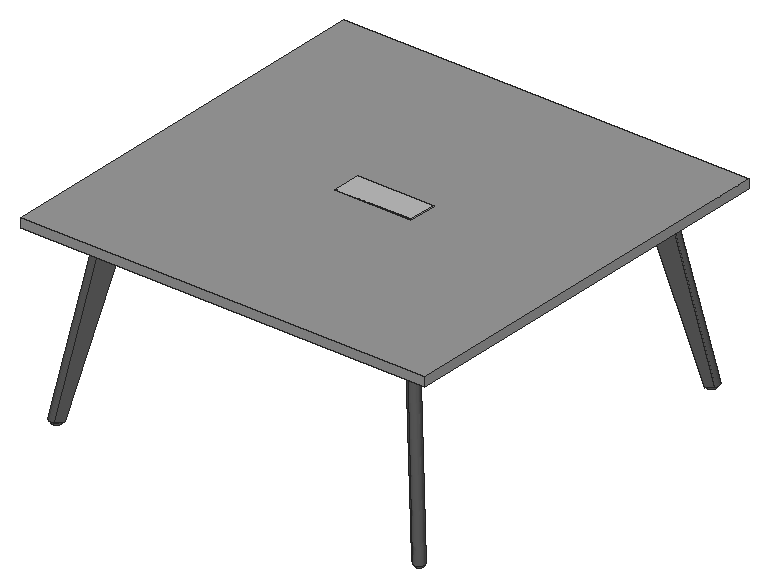
Revit family "Haworth_AWood_Desk_Square_EU_PRELIMINARY", category Furniture, Revit 2019
Family settings
  OmniClass Number = 23.40.70.14.64.11
  OmniClass Title = Office Furniture
  Work Plane-Based = No
  Always vertical = Yes
  Cut with Voids When Loaded = No
  Shared = No
  Room Calculation Point = No
Parameters (values of type "160 x 160")
  Worksurface Dimension = "140 x 140, 160 x 160cm"  # constant formula
  Warranty = "http://www.haworth.com/resources/product-info/warranties"
  URL - Product = "https://www.haworth.com/eu/en/products/office-desks/a-wood.html?_br_psugg_q=awood"
  Type Comments = ""
  URL = "https://www.haworth.com/eu/en.html"
  Trim Finish = Haworth _ Metal _ Structured White EC
  Top Finish [instance] = Haworth _ Laminate _ Undecided _ Tables
  Squared Corners = not(Rounded Corners)  # yes
  Small = no
  Size = "Verify Final Dim.w/ Haworth"  # constant formula
  Rounded Corners = no
  Revision Number = "1"  # constant formula
  Model = "AWSD1X1X"  # constant formula
  Manufacturer = "Haworth"  # constant formula
  Leg Height = Actual Height - 3.5 cm  # 69.5 cm
  Large = not(Small)  # yes
  Flip Top Finish = Haworth _ Paint _ Metallic Silver
  Flip Top Cable Outlet = yes
  Description = "Haworth - A_Wood - Desk - Square"  # constant formula
  Base Finish [instance] = Haworth _ Paint _ Black
  Author = "Haworth (Abd Rahman)"  # constant formula
  Assembly Code = "E2020200"
  Actual Width = if(Small, 140 cm, 160 cm)  # 160 cm
  Actual Height = 73 cm  # constant formula
  Actual Depth = if(Small, 140 cm, 160 cm)  # 160 cm
Types (2, lengths in cm): name | Squared Corners | Small | Rounded Corners | Large | Flip Top Cable Outlet | Actual Width | Actual Depth
  140 x 140 | no | yes | yes | no | no | 140 | 140
  160 x 160 | yes | no | no | yes | yes | 160 | 160
Reference planes (cm)
  plane 1 "Center F/B": y = 17.4526
  plane 2: z = 0
  plane 3 "Center L/R": x = 11.43
  plane 4 "Top": z = 73
  plane 5 "Left": x = -68.57
  plane 6 "Right": x = 91.43
  plane 7 "Back": y = 97.4526
  plane 8 "Front": y = -62.5474
  plane 9: y = 82.4526
  plane 10: y = -47.5474
  plane 11: z = 70.5
  plane 12: z = 69.5
  plane 13: x = -63.57
  plane 14: x = 86.43
Dimensions and locks (cm)
  "Actual Height": plane 4 "Top" to level
  equal spacing: plane 7 "Back", plane 1 "Center F/B", plane 8 "Front"
  "Actual Depth": plane 7 "Back" to plane 8 "Front"
  equal spacing: plane 5 "Left", plane 3 "Center L/R", plane 6 "Right"
  "Actual Width": plane 5 "Left" to plane 6 "Right"
  plane 4 "Top" to plane 11 to plane 12 = 2.5 cm locked, 1 cm locked
  locked: plane 5 "Left" to plane 13 at 5
  locked: plane 14 to plane 6 "Right" at 5
  locked: plane 7 "Back" to plane 9 at 15
  locked: plane 8 "Front" to plane 10 at 15
  aligned and locked: nested 2 to plane 1 "Center F/B"
  aligned and locked: plane 3 "Center L/R" to nested 2
  aligned and locked: nested 1 to plane 10
  aligned and locked: nested 1 to plane 13
  aligned and locked: nested 3 to plane 14
  aligned and locked: nested 3 to plane 10
  aligned and locked: nested 5 to plane 13
  aligned and locked: nested 4 to plane 14
  aligned and locked: nested 4 to plane 9
  aligned and locked: nested 5 to plane 9
  aligned and locked: plane 3 "Center L/R" to nested 6
  aligned and locked: nested 6 to plane 4 "Top"
  aligned and locked: plane 1 "Center F/B" to nested 6
Nested families (cm)
  nested 1: "Haworth_A_Wood_SingleLeg_PART" at (-3.7556, 2.6457, 0), Leg Finish <- "Base Finish", type "A_Wood Legs - PART"
    with Leg Finish Haworth _ Paint _ Black
  nested 2: "Haworth_A_Wood_Top_Rectangular-PART" at (170.2444, 88.5136, 0), Top Finish <- "Top Finish", type "A_Wood Top Rectangular - PART"
    with Top Finish Haworth _ Laminate _ Undecided _ Tables, Void Depth 0 cm, Scallop no, Rounded Corners no, Actual Width 160 cm, Actual Depth 160 cm
  nested 3: "Haworth_A_Wood_SingleLeg_PART" at (25.9869, 2.017, 0) x (0, 1, 0) z (0, 0, 1), Leg Finish <- "Base Finish", type "A_Wood Legs - PART"
    with Leg Finish Haworth _ Paint _ Black
  nested 4: "Haworth_A_Wood_SingleLeg_PART" at (26.6156, 32.2596, 0) x (-1, 0, 0) z (0, 0, 1), Leg Finish <- "Base Finish", type "A_Wood Legs - PART"
    with Leg Finish Haworth _ Paint _ Black
  nested 5: "Haworth_A_Wood_SingleLeg_PART" at (-3.1269, 32.8883, 0) x (0, -1, 0) z (0, 0, 1), Leg Finish <- "Base Finish", type "A_Wood Legs - PART"
    with Leg Finish Haworth _ Paint _ Black
  nested 6: "Haworth-Flip Top" at (9.9813, 17.3193, -7), visible <- "Flip Top Cable Outlet", type "Flip Top - Visio"
    with Actual Width 30 cm
Definition of nested family "Haworth_A_Wood_SingleLeg_PART"
  Parameters (values of type "A_Wood Legs - PART")
    Warranty = "https://www.haworth.com/resources/product-info/warranties"
    URL - Product = ""
    Model = "Haworth - A_Wood"  # constant formula
    Metal Finish = none
    Leg Finish [instance] = none
    Description = "Haworth - A_Wood - Legs - PART"  # constant formula
    URL = ""
    Revision Number = "1"  # constant formula
    Manufacturer = "Haworth"  # constant formula
    Author = "Haworth (Abd Rahman)"  # constant formula
    Assembly Code = "E2020200"
    Actual Height = 73 cm  # constant formula
  Reference planes (cm)
    plane 1 "Bottom": z = 0
    plane 2 "Top": z = 73
    plane 3 "Top Bottom": z = 69.5
    plane 4: x = -59.8144
    plane 5: x = -39.3144
    plane 6: y = -39.9431
    plane 7 "Front": y = -60.4431
    plane 8: x = -49.5644
    plane 9: y = -50.1931
  Forms (cm)
    SweptBlend 1, solid, material <- "Leg Finish"
      path origin (-58.7425, -59.2694, 121.92) x (-0.707107, -0.707107, 0) y (0, 0, -1)
        loop
          line (-1.6984, 123.3068) -> (-17.8231, 51.5727)
      profile origin (-57.5416, -58.0684, -1.3868) x (-0.689892, -0.689892, 0.219313) y (0.707107, -0.707107, 0)
        loop
          line (-2.6886, 1.6172) -> (-2.6886, -2.1828) -> (0.0676, -2.1828)
          arc (0.0676, -2.1828) -> (1.9676, -0.2828) -> (0.0676, 1.6172) r 1.9
          line (0.0676, 1.6172) -> (-2.6886, 1.6172)
      end profile origin (-46.1396, -46.6665, 70.3473) x (-0.689892, -0.689892, 0.219313) y (0.707107, -0.707107, 0)
        loop
          line (-7.1321, -2.1828) -> (0, -2.1828)
          arc (0, -2.1828) -> (1.9, -0.2828) -> (0, 1.6172) r 1.9
          line (0, 1.6172) -> (-7.1321, 1.6172) -> (-7.1321, -2.1828)
    Extrusion 2, void
      sketch origin (-58.7425, -59.2694, 121.92) x (-0.707107, -0.707107, 0) y (0, 0, -1)
        loop
          line (-22.8359, 60.9135) -> (-31.3359, 60.9135) -> (-31.3359, 46.4135) -> (-6.8632, 46.4135) -> (-6.8632, 53.0135) -> (-22.8359, 53.0135) -> (-22.8359, 60.9135)
        loop
          line (1.2172, 120.9135) -> (1.2172, 124.4135) -> (-5.7828, 124.4135) -> (-5.7828, 120.9135) -> (1.2172, 120.9135)
      from -2.1828 to 1.6172
    Extrusion 3, solid, material <- "Metal Finish"
      sketch origin (22.515, 0, 0) x (-1, 0, 0) y (0, -1, 0)
        loop
          arc (63.3082, 55.3567) -> (64.353, 43.9204) -> (75.222, 40.2132) r 10.5502
          arc (75.222, 40.2132) -> (77.0947, 53.9447) -> (63.3082, 55.3567) r 9.6395
        loop
          circle (75.5231, 43.1034) r 0.6436
        loop
          circle (69.4207, 42.3367) r 0.5
        loop
          circle (63.9678, 47.7855) r 0.5
        loop
          circle (64.6924, 53.9741) r 0.6849
        loop
          circle (74.6212, 53.0565) r 0.7071
      from 68.9065 to 69.5
    Revolve 4, solid
      sketch origin (-0.1869, -57.1918, 0) x (1, 0, 0) y (0, 0, 1)
        loop
          line (-56.6292, 1.0037) -> (-56.6292, 0) -> (-54.9292, 0) -> (-54.9292, 0.4) -> (-56.0292, 0.4) -> (-56.0292, 1.0037) -> (-56.6292, 1.0037)
        axis (-56.6292, 1.0037) -> (-56.6292, 0)
      angle from 0 to 360
    Extrusion 5, solid, material <- "Metal Finish"
      sketch origin (-25.6346, -85.9201, 0) x (0.707107, -0.707107, 0) y (0, 0, 1)
        loop
          line (-44.0328, 69.5) -> (-44.0328, 62.4065) -> (-41.0328, 62.4065) -> (-41.0328, 69.5) -> (-44.0328, 69.5)
        loop
          circle (-42.5693, 66.9745) r 1
        loop
          circle (-42.5978, 63.7457) r 1
      from -18.4115 to -18.1579
    Extrusion 6, void
      sketch origin (-25.6346, -85.9201, 0) x (0.707107, -0.707107, 0) y (0, 0, 1)
        loop
          circle (-42.5693, 66.9745) r 1
        loop
          circle (-42.5978, 63.7457) r 1
      from -20.0066 to -17.9454
  Cuts and joins
    Extrusion 2, Extrusion 6 cuts SweptBlend 1
    Extrusion 6 cuts Extrusion 5
    joined: Extrusion 3, Extrusion 5
  Lines and regions (cm)
    symbolic lines, detail levels medium+fine
      curve 1: arc (-53.9353, -40.9662, 0) -> (-42.6617, -43.3429, 0) -> (-40.285, -54.6165, 0) r 10.5502
      curve 2: arc (-40.285, -54.6165, 0) -> (-46.2123, -57.5166, 0) -> (-52.6178, -55.9317, 0) r 9.6539
      curve 3: line (-58.7572, -56.6971, 0) -> (-55.2939, -53.2338, 0)
      curve 4: line (-52.6178, -55.9317, 0) -> (-56.0702, -59.3841, 0)
      curve 5: arc (-56.074, -59.3805, 0) -> (-58.786, -59.4129, 0) -> (-58.7536, -56.7008, 0) r 1.8953
      curve 6: arc (-55.2939, -53.2338, 0) -> (-56.8312, -46.8545, 0) -> (-53.9353, -40.9662, 0) r 9.6539
  Dimensions and locks (cm)
    "Actual Height": plane 2 "Top" to level
    plane 2 "Top" to plane 3 "Top Bottom" = 3.5 cm
    equal spacing: plane 4, plane 8, plane 5
    equal spacing: plane 6, plane 9, plane 7 "Front"
    Extrusion 5 sketch curve to cut or joined group of SweptBlend 1, Extrusion 2, Extrusion 6 = 0.3942 cm
    Extrusion 5 sketch curve to Extrusion 5 sketch curve = 3 cm
  Automatic sketch dimensions
    curve 2 to curve 6 = 0 cm  (x2)
    plane 4 to curve 5 = 2.3685 cm
    plane 4 to curve 3 = 4.5204 cm
    curve 4 to plane 8 = 3.0535 cm
    curve 1 to plane 8 = 0.5574 cm
    plane 8 to curve 6 = 2.3284 cm
    curve 5 to plane 7 "Front" = 2.3704 cm
    curve 4 to plane 7 "Front" = 4.5114 cm
    curve 3 to plane 9 = 3.0407 cm
    curve 1 to plane 9 = 0.6099 cm
    curve 1 to curve 6 = 2.8858 cm
    plane 4 to curve 5 = 1.0607 cm
    curve 3 to curve 5 = 0.0036 cm
    curve 5 to curve 5 = 1.3718 cm
    curve 4 to plane 7 "Front" = 1.059 cm
    curve 5 to curve 4 = 0.0038 cm
    curve 1 to plane 6 = 1.0231 cm
    curve 4 to curve 5 = 0.0036 cm
    curve 5 to curve 3 = 0.0038 cm
    plane 3 "Top Bottom" to SweptBlend 1 sketch curve = 0.8473 cm
    SweptBlend 1 sketch curve to level = 1.3868 cm
    SweptBlend 1 sketch curve to SweptBlend 1 sketch curve = 16.1248 cm
    profile plane to SweptBlend 1 sketch curve = 1.6172 cm
    profile plane to SweptBlend 1 sketch curve = 2.6886 cm
    SweptBlend 1 sketch curve to profile plane = 0.0676 cm
    SweptBlend 1 sketch curve to profile plane = 0.2828 cm  (x2)
    SweptBlend 1 sketch curve to profile plane = 0 cm
    SweptBlend 1 sketch curve to profile plane = 2.1828 cm
    SweptBlend 1 sketch curve to SweptBlend 1 sketch curve = 7.1321 cm
    Extrusion 2 sketch curve to plane 3 "Top Bottom" = 8.4935 cm
    Extrusion 2 sketch curve to Extrusion 2 sketch curve = 8.5 cm
    Extrusion 2 sketch curve to plane 3 "Top Bottom" = 0.5935 cm
    Extrusion 2 sketch curve to Extrusion 2 sketch curve = 15.9727 cm
    level to Extrusion 2 sketch curve = 1.0065 cm
    Extrusion 2 sketch curve to Extrusion 2 sketch curve = 17.0531 cm
    Extrusion 2 sketch curve to level = 2.4935 cm
    Extrusion 2 sketch curve to Extrusion 2 sketch curve = 7 cm
    plane 2 "Top" to Extrusion 2 sketch curve = 2.5065 cm
    plane 5 to Extrusion 3 sketch curve = 2.1385 cm
    plane 5 to Extrusion 3 sketch curve = 2.8631 cm
    Extrusion 3 sketch curve to plane 8 = 2.6586 cm
    Extrusion 3 sketch curve to plane 8 = 2.5606 cm
    plane 8 to Extrusion 3 sketch curve = 0.5653 cm
    plane 8 to Extrusion 3 sketch curve = 2.5418 cm
    plane 8 to Extrusion 3 sketch curve = 3.4437 cm
    plane 9 to Extrusion 3 sketch curve = 3.781 cm
    plane 9 to Extrusion 3 sketch curve = 2.8634 cm
    plane 9 to Extrusion 3 sketch curve = 0.2507 cm
    Extrusion 3 sketch curve to Extrusion 3 sketch curve = 2.4593 cm
    Extrusion 3 sketch curve to plane 9 = 2.4076 cm
    plane 6 to Extrusion 3 sketch curve = 3.1604 cm
    plane 6 to Extrusion 3 sketch curve = 2.3936 cm
    plane 5 to Extrusion 3 sketch curve = 1.4789 cm
    plane 6 to Extrusion 3 sketch curve = 0.2702 cm
    Revolve 4 sketch curve to level = 0 cm
    level to Revolve 4 sketch curve = 1.0037 cm
    plane 4 to Revolve 4 sketch curve = 2.9983 cm
    Revolve 4 sketch curve to Revolve 4 sketch curve = 0.6 cm
    Revolve 4 sketch curve to Revolve 4 sketch curve = 1.1 cm
    Revolve 4 sketch curve to Revolve 4 sketch curve = 0.4 cm
    Revolve 4 sketch curve to Revolve 4 sketch curve = 0 cm  (x2)
    Revolve 4 sketch curve to level = 0.0502 cm
    Extrusion 5 sketch curve to Extrusion 5 sketch curve = 1.435 cm
    Extrusion 5 sketch curve to Extrusion 5 sketch curve = 1.4634 cm
    Extrusion 5 sketch curve to plane 3 "Top Bottom" = 7.0935 cm
    Extrusion 5 sketch curve to Extrusion 5 sketch curve = 1.3391 cm
    Extrusion 5 sketch curve to plane 3 "Top Bottom" = 2.5255 cm
    Extrusion 5 sketch curve to plane 3 "Top Bottom" = 0 cm
    Extrusion 6 sketch curve to Extrusion 6 sketch curve = 3.2289 cm
    Extrusion 6 sketch curve to plane 3 "Top Bottom" = 5.7543 cm
    Extrusion 6 sketch curve to Extrusion 6 sketch curve = 0.0285 cm
    radius of Extrusion 3 sketch curve = 0.6436 cm
    radius of Extrusion 3 sketch curve = 0.5 cm  (x2)
    radius of Extrusion 3 sketch curve = 0.6849 cm
    radius of Extrusion 3 sketch curve = 0.7071 cm
    radius of Extrusion 5 sketch curve = 1 cm  (x2)
    radius of Extrusion 6 sketch curve = 1 cm  (x2)
Definition of nested family "Haworth_A_Wood_Top_Rectangular-PART"
  Parameters (values of type "A_Wood Top Rectangular - PART")
    Warranty = "https://www.haworth.com/resources/product-info/warranties"
    Void Depth = 15 cm
    URL - Product = ""
    Top Finish [instance] = none
    Thickness = 3.5 cm
    Squared Corners = yes
    Scallop = yes
    Rounded Corners = yes
    Rectangle = no
    Model = "Haworth - A_Wood"  # constant formula
    Description = "Haworth - A_Wood - Rectangular - Top - PART"  # constant formula
    URL = ""
    Revision Number = "1"  # constant formula
    Manufacturer = "Haworth"  # constant formula
    Author = "Haworth (Abd Rahman)"  # constant formula
    Assembly Code = "E2020200"
    Actual Width = 120 cm
    Actual Depth = 100 cm
  Reference planes (cm)
    plane 1 "Bottom": z = 0
    plane 2 "Top": z = 73
    plane 3 "Top Bottom": z = 69.5
    plane 4: x = -218.8144
    plane 5 "Right": x = -98.8144
    plane 6: y = -21.0609
    plane 7 "Front": y = -121.0609
    plane 8: x = -158.8144
    plane 9: y = -71.0609
    plane 10: y = -36.0609
    plane 11: x = -194.8144
    plane 12: x = -122.8144
  Forms (cm)
    Extrusion 1, solid, material <- "Top Finish", visible <- "Squared Corners"
      sketch origin (0, 0, 0) x (1, 0, 0) y (0, 1, 0)
        loop
          line (-218.8144, -21.0609) -> (-218.8144, -121.0609) -> (-98.8144, -121.0609) -> (-98.8144, -21.0609) -> (-218.8144, -21.0609)
      from 69.5 to 73
    Extrusion 2, solid, material <- "Top Finish", visible <- "Rounded Corners"
      sketch origin (0, 0, 0) x (1, 0, 0) y (0, 1, 0)
        loop
          arc (-214.8144, -21.0609) -> (-217.6428, -22.2325) -> (-218.8144, -25.0609) r 4
          line (-218.8144, -25.0609) -> (-218.8144, -117.0609)
          arc (-218.8144, -117.0609) -> (-217.6428, -119.8893) -> (-214.8144, -121.0609) r 4
          line (-214.8144, -121.0609) -> (-102.8144, -121.0609)
          arc (-102.8144, -121.0609) -> (-99.9859, -119.8893) -> (-98.8144, -117.0609) r 4
          line (-98.8144, -117.0609) -> (-98.8144, -25.0609)
          arc (-98.8144, -25.0609) -> (-99.9859, -22.2325) -> (-102.8144, -21.0609) r 4
          line (-102.8144, -21.0609) -> (-214.8144, -21.0609)
      from 69.5 to 73
    Extrusion 3, void
      sketch origin (0, 0, 0) x (1, 0, 0) y (0, 1, 0)
        loop
          line (-194.8144, -21.0609) -> (-189.1575, -36.0609) -> (-128.4712, -36.0609) -> (-122.8144, -21.0609) -> (-194.8144, -21.0609)
      from 0 to 182.4895
  Cuts and joins
    Extrusion 3 cuts Extrusion 2
    Extrusion 3 cuts Extrusion 1
  Lines and regions (cm)
    Masking region 1, visible <- "Squared Corners"
      outline origin (0, 0, 0) x (1, 0, 0) y (0, 1, 0)
        loop
          line (-218.8144, -21.0609) -> (-218.8144, -121.0609) -> (-98.8144, -121.0609) -> (-98.8144, -21.0609) -> (-218.8144, -21.0609)
    Masking region 2
      outline origin (0, -0.1905, 0) x (1, 0, 0) y (0, 1, 0)
        loop
          arc (-215.1194, -20.8704) -> (-217.7534, -22.199) -> (-218.8144, -24.9517) r 4.1015
          line (-218.8144, -24.9517) -> (-218.8144, -117.0498)
          arc (-218.8144, -117.0498) -> (-217.6953, -119.7514) -> (-214.9938, -120.8704) r 3.8205
          line (-214.9938, -120.8704) -> (-102.6349, -120.8704)
          arc (-102.6349, -120.8704) -> (-99.9334, -119.7514) -> (-98.8144, -117.0498) r 3.8205
          line (-98.8144, -117.0498) -> (-98.8144, -24.9517)
          arc (-98.8144, -24.9517) -> (-99.8753, -22.199) -> (-102.5093, -20.8704) r 4.1015
          line (-102.5093, -20.8704) -> (-215.1194, -20.8704)
  Dimensions and locks (cm)
    equal spacing: plane 4, plane 8, plane 5 "Right"
    equal spacing: plane 6, plane 9, plane 7 "Front"
    "Actual Depth": plane 7 "Front" to plane 6
    "Actual Width": plane 4 to plane 5 "Right"
    plane 2 "Top" to plane 3 "Top Bottom" = 3.5 cm  (x2)
    "Thickness": plane 2 "Top" to plane 3 "Top Bottom"
    locked: plane 4 to plane 11 at 24
    locked: plane 12 to plane 5 "Right" at 24
    "Void Depth": plane 10 to plane 6
    aligned and locked: Extrusion 1 sketch curve to plane 5 "Right"
    aligned and locked: Extrusion 1 sketch curve to plane 6
    aligned and locked: plane 4 to Extrusion 1 sketch curve
    aligned and locked: Extrusion 1 sketch curve to plane 7 "Front"
    aligned and locked: plane 2 "Top" to Extrusion 1
    aligned and locked: Extrusion 1 to plane 3 "Top Bottom"
    aligned and locked: Masking region 1 sketch curve to plane 5 "Right"
    aligned and locked: Masking region 1 sketch curve to plane 6
    aligned and locked: plane 4 to Masking region 1 sketch curve
    aligned and locked: Masking region 1 sketch curve to plane 7 "Front"
    aligned and locked: plane 6 to Masking region 2
    aligned and locked: plane 5 "Right" to Masking region 2
    aligned and locked: plane 7 "Front" to Extrusion 2
    aligned and locked: plane 7 "Front" to Masking region 2
    aligned and locked: Masking region 2 to plane 4
    aligned and locked: plane 10 to Extrusion 3 sketch curve
    aligned and locked: plane 6 to Extrusion 3 sketch curve
  Automatic sketch dimensions
    Extrusion 2 sketch curve to plane 4 = 0 cm
    plane 7 "Front" to Extrusion 2 sketch curve = 0 cm
    Extrusion 2 sketch curve to plane 6 = 0 cm
    Extrusion 2 sketch curve to plane 5 "Right" = 0 cm
    plane 4 to Extrusion 2 sketch curve = 4 cm  (x2)
    Extrusion 2 sketch curve to plane 5 "Right" = 4 cm  (x2)
    plane 4 to Masking region 2 sketch curve = 0 cm
    Masking region 2 sketch curve to plane 7 "Front" = 0 cm
    Masking region 2 sketch curve to plane 5 "Right" = 0 cm
    Masking region 2 sketch curve to plane 6 = 0 cm
    plane 4 to Masking region 2 sketch curve = 3.6949 cm
    Masking region 2 sketch curve to Masking region 2 sketch curve = 4.1015 cm
    Masking region 2 sketch curve to Masking region 2 sketch curve = 3.8205 cm
    Masking region 2 sketch curve to plane 5 "Right" = 3.8205 cm
    Masking region 2 sketch curve to plane 5 "Right" = 4.1015 cm
    Masking region 2 sketch curve to plane 5 "Right" = 3.6949 cm
    Extrusion 3 sketch curve to plane 11 = 0 cm  (x2)
    Extrusion 3 sketch curve to plane 6 = 0 cm  (x2)
    Extrusion 3 sketch curve to plane 12 = 0 cm  (x2)
    Extrusion 3 sketch curve to plane 11 = 5.6569 cm
    plane 12 to Extrusion 3 sketch curve = 5.6569 cm
Definition of nested family "Haworth-Flip Top"
  Parameters (values of type "Flip Top - Visio")
    Warranty = ""
    URL - Product = ""
    URL = ""
    Sustainability Info = ""
    Size = "Verify Final Dim. w/ Haworth"  # constant formula
    Single Sided = no
    Single Sided Wide = yes
    Revision Number = ""
    OmniClass Number = ""
    Material Options = ""
    Manufacturer = "Haworth"  # constant formula
    LEED Data = ""
    Flip Top Height = 2.5 cm
    Flip Top Finish = none
    Double Sided = no
    Double Sided Wide = no
    Author = "SHAPE Environments, LLC"  # constant formula
    Assembly Code = ""
    Actual Width = 20 cm
    Actual Height = 80 cm
    Actual Depth = 11 cm
  Reference planes (cm)
    plane 1 "Center F/B": y = 0.1333
    plane 2: z = 0
    plane 3 "Center L/R": x = 1.4487
    plane 4 "Back": y = 5.6333
    plane 5 "Right": x = 11.4487
    plane 6 "Front": y = -5.3667
    plane 7 "Left": x = -8.5513
    plane 8 "Table Height": z = 80
    plane 9: z = 77.5
  Forms (cm)
    Extrusion 1, solid, material <- "Flip Top Finish"
      sketch origin (0, 0, 80) x (-1, 0, 0) y (0, -1, 0)
        loop
          line (8.5513, -5.6333) -> (8.5513, 5.3667) -> (-11.4487, 5.3667) -> (-11.4487, -5.6333) -> (8.5513, -5.6333)
      from 0 to 0.3175
    Extrusion 2, solid, material <- "Flip Top Finish"
      sketch origin (0, 0, 80) x (-1, 0, 0) y (0, -1, 0)
        loop
          line (8.2338, -5.1571) -> (8.2338, 4.8904) -> (-11.1312, 4.8904) -> (-11.1312, -5.1571) -> (8.2338, -5.1571)
      from 0 to -2.5
  Cuts and joins
    joined: Extrusion 1, Extrusion 2
  Lines and regions (cm)
    symbolic lines
      curve 1: line (-8.5513, 5.6333, 80) -> (11.4487, 5.6333, 80)
      curve 2: line (-8.5513, -5.3667, 80) -> (-8.5513, 5.6333, 80)
      curve 3: line (11.4487, -5.3667, 80) -> (-8.5513, -5.3667, 80)
      curve 4: line (11.4487, 5.6333, 80) -> (11.4487, -5.3667, 80)
  Dimensions and locks (cm)
    equal spacing: plane 7 "Left", plane 3 "Center L/R", plane 5 "Right"
    "Actual Width": plane 7 "Left" to plane 5 "Right"
    equal spacing: plane 6 "Front", plane 1 "Center F/B", plane 4 "Back"
    "Actual Depth": plane 4 "Back" to plane 6 "Front"
    plane 7 "Left" to Extrusion 2 sketch curve = 0.3175 cm
    plane 4 "Back" to Extrusion 2 sketch curve = 0.4762 cm
    Extrusion 2 sketch curve to plane 5 "Right" = 0.3175 cm
    Extrusion 2 sketch curve to plane 6 "Front" = 0.4763 cm
    "Actual Height": plane 8 "Table Height" to level
    "Flip Top Height": plane 8 "Table Height" to plane 9
    aligned and locked: plane 7 "Left" to Extrusion 1 sketch curve
    aligned and locked: Extrusion 1 sketch curve to plane 4 "Back"
    aligned and locked: plane 6 "Front" to Extrusion 1 sketch curve
    aligned and locked: Extrusion 1 sketch curve to plane 5 "Right"
    aligned and locked: plane 9 to cut or joined group of Extrusion 1, Extrusion 2
  Automatic sketch dimensions
    curve 4 to plane 5 "Right" = 0 cm
    curve 2 to plane 4 "Back" = 0 cm
    curve 2 to plane 7 "Left" = 0 cm
    curve 4 to plane 6 "Front" = 0 cm
